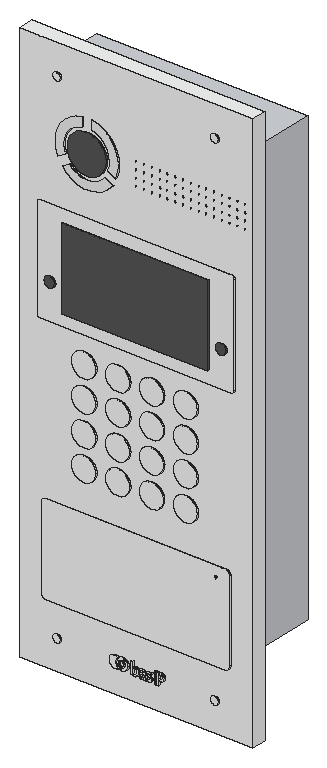
Revit family "BAS-IP_Вызывная панель_AA-07FBV", category Устройства связи, Revit 2019
Family settings
  Сохранять ориентацию аннотаций = Нет
  Размер круглого соединителя = Использовать диаметр
  Тип детали = Нормальный
  На основе рабочей плоскости = Нет
  Всегда вертикально = Да
  При загрузке вырезать с полостями = Нет
  Общий = Нет
  Точка расчета площади = Нет
Parameters (values of type "Серебристый")
  Цветовое решение = "Серебристый"
  Цвет = Gray silver
  Угол обзора камеры = "110° (по горизонтали)"
  УГО_Смещение_Y [instance] = 0 mm
  УГО_Смещение_X [instance] = 0 mm
  Тип установки = "Врезной, накладной с BR-AA7"
  Тип панели = "Многоабонентская"
  Тип клавиатуры = "Механические кнопки с подсветкой"
  Температурный режим = "-40 – +65 °С"
  Разрешение = "2 Мп"
  Размер самой панели = "155 × 375 × 55 мм"
  Размер под установку = "140 × 350 × 60 мм"
  Потребление питания = "6,5 Вт, в режиме ожидания - 3,6 Вт"
  Питание = "+12 В постоянного тока"
  Ночная подсветка = "6 светодиодов"
  Минимальная освещенность = "0,01 Люкс"
  Корпус = "Алюминий"
  Класс степени защиты = "IP65"
  Камера = "1/4”"
  Изготовитель = "BAS-IP"  # constant formula
  Зона обслуживания [instance] = no
  Дисплей = "4,3” TFT, цветной с подсветкой"
  Выходное видео = "HD (1280×720), H.264 Main Profile, BaseLine Profile"
  IK-код = "IK07"
  ADSK_Размер_Смещение от уровня [instance] = 1000 mm
  ADSK_Примечание [instance] = ""
  ADSK_Позиция [instance] = ""
  ADSK_Наименование = "Гибридная IP вызывная панель с распознаванием лицa"
  ADSK_Материал = Silver
  ADSK_Марка = "AA-07FBV Silver"
  ADSK_Количество = 1  # constant formula
  ADSK_Код изделия = ""
  ADSK_Завод-изготовитель = "BAS-IP"  # constant formula
  ADSK_Единица измерения = "шт."  # constant formula
Reference planes
  plane 1 "По центру (Вперед/Назад)": y = 0
  plane 2: z = 0
  plane 3 "По центру (Влево/Вправо)": x = 0
  plane 4: z = 1000
  plane 5: z = 0
  plane 6: y = 0
  plane 7: x = 0
Forms (mm)
  Extrusion 1, solid, material "Silver" <- "ADSK_Материал", detail levels medium+fine
    sketch origin (0, -8, 1000) x (1, 0, 0) y (0, 0, 1)
      loop
        line (-77.5, 0) -> (77.5, 0) -> (77.5, 375) -> (-77.5, 375) -> (-77.5, 0)
    from -8 to 2
  Extrusion 2, solid, detail levels medium+fine
    sketch origin (0, -8, 1000) x (1, 0, 0) y (0, 0, 1)
      loop
        line (-70, 350) -> (-70, 50) -> (70, 50) -> (70, 350) -> (-70, 350)
    from -53 to -8
  Extrusion 3, solid, material "Gray silver" <- "Цвет", detail levels fine
    sketch origin (0, -7.5, 1000) x (1, 0, 0) y (0, 0, 1)
      loop
        arc (-59.5, 100.854) -> (-61.621, 99.975) -> (-62.5, 97.854) r 3
        line (-62.5, 97.854) -> (-62.5, 43.854)
        arc (-62.5, 43.854) -> (-61.621, 41.732) -> (-59.5, 40.854) r 3
        line (-59.5, 40.854) -> (59.5, 40.854)
        arc (59.5, 40.854) -> (61.621, 41.732) -> (62.5, 43.854) r 3
        line (62.5, 43.854) -> (62.5, 97.854)
        arc (62.5, 97.854) -> (61.621, 99.975) -> (59.5, 100.854) r 3
        line (59.5, 100.854) -> (-59.5, 100.854)
    from 2 to 3
  Extrusion 4, void, detail levels fine
    sketch origin (-6.684, -8, 1047.747) x (1, 0, 0) y (0, 0, 1)
      loop
        circle (60.5, 46.187) r 1
    from 0 to 2.5
  Extrusion 5, void, detail levels fine
    sketch origin (-209.374, -8, 1225.582) x (1, 0, 0) y (0, 0, 1)
      loop
        circle (209.254, 97.039) r 0.5
      loop
        circle (214.754, 97.039) r 0.5
      loop
        circle (220.004, 97.039) r 0.5
      loop
        circle (225.316, 97.039) r 0.5
      loop
        circle (230.316, 97.039) r 0.5
      loop
        circle (209.254, 92.039) r 0.5
      loop
        circle (214.754, 92.039) r 0.5
      loop
        circle (220.004, 92.039) r 0.5
      loop
        circle (225.316, 92.039) r 0.5
      loop
        circle (230.316, 92.039) r 0.5
      loop
        circle (209.254, 87.039) r 0.5
      loop
        circle (214.754, 87.039) r 0.5
      loop
        circle (220.004, 87.039) r 0.5
      loop
        circle (225.316, 87.039) r 0.5
      loop
        circle (230.316, 87.039) r 0.5
      loop
        circle (209.254, 82.039) r 0.5
      loop
        circle (214.754, 82.039) r 0.5
      loop
        circle (220.004, 82.039) r 0.5
      loop
        circle (225.316, 82.039) r 0.5
      loop
        circle (230.316, 82.039) r 0.5
      loop
        circle (276.937, 97.039) r 0.5
      loop
        circle (271.687, 97.039) r 0.5
      loop
        circle (266.375, 97.039) r 0.5
      loop
        circle (261.375, 97.039) r 0.5
      loop
        circle (276.937, 92.039) r 0.5
      loop
        circle (271.687, 92.039) r 0.5
      loop
        circle (266.375, 92.039) r 0.5
      loop
        circle (261.375, 92.039) r 0.5
      loop
        circle (276.937, 87.039) r 0.5
      loop
        circle (271.687, 87.039) r 0.5
      loop
        circle (266.375, 87.039) r 0.5
      loop
        circle (261.375, 87.039) r 0.5
      loop
        circle (276.937, 82.039) r 0.5
      loop
        circle (271.687, 82.039) r 0.5
      loop
        circle (266.375, 82.039) r 0.5
      loop
        circle (261.375, 82.039) r 0.5
      loop
        circle (282.187, 97.039) r 0.5
      loop
        circle (282.187, 92.039) r 0.5
      loop
        circle (282.187, 87.039) r 0.5
      loop
        circle (282.187, 82.039) r 0.5
    from 1 to 2
  Extrusion 6, void, detail levels fine
    sketch origin (-209.374, -8, 1305.582) x (1, 0, 0) y (0, 0, 1)
      loop
        circle (245.846, 17.039) r 0.5
      loop
        circle (245.846, 12.039) r 0.5
      loop
        circle (245.846, 7.039) r 0.5
      loop
        circle (245.846, 2.039) r 0.5
      loop
        circle (240.596, 17.039) r 0.5
      loop
        circle (240.596, 12.039) r 0.5
      loop
        circle (240.596, 7.039) r 0.5
      loop
        circle (240.596, 2.039) r 0.5
      loop
        circle (235.658, 17.039) r 0.5
      loop
        circle (235.658, 12.039) r 0.5
      loop
        circle (235.658, 7.039) r 0.5
      loop
        circle (235.658, 2.039) r 0.5
      loop
        circle (251.096, 17.039) r 0.5
      loop
        circle (251.096, 12.039) r 0.5
      loop
        circle (251.096, 7.039) r 0.5
      loop
        circle (251.096, 2.039) r 0.5
      loop
        circle (256.033, 17.039) r 0.5
      loop
        circle (256.033, 12.039) r 0.5
      loop
        circle (256.033, 7.039) r 0.5
      loop
        circle (256.033, 2.039) r 0.5
    from 0 to 2
  Extrusion 7, solid, material "Black", detail levels fine
    sketch origin (0, -8, 1019.127) x (1, 0, 0) y (0, 0, 1)
      loop
        line (-48.5, 250.279) -> (-48.5, 196.279) -> (48.5, 196.279) -> (48.5, 250.279) -> (-48.5, 250.279)
    from 1.5 to 3
  Extrusion 8, solid, material "Black", detail levels fine
    sketch origin (-31.906, -8, 1173.907) x (1, 0, 0) y (0, 0, 1)
      loop
        circle (-25.094, 57.291) r 3.5
      loop
        circle (88.906, 57.291) r 3.5
    from 1.5 to 3
  Extrusion 9, solid, material "Gray silver" <- "Цвет", detail levels fine
    sketch origin (-5.5, -7.5, 1139.127) x (1, 0, 0) y (0, 0, 1)
      loop
        arc (-58, 138.279) -> (-59.414, 137.693) -> (-60, 136.279) r 2
        line (-60, 136.279) -> (-60, 70.279)
        arc (-60, 70.279) -> (-59.414, 68.864) -> (-58, 68.279) r 2
        line (-58, 68.279) -> (69, 68.279)
        arc (69, 68.279) -> (70.414, 68.864) -> (71, 70.279) r 2
        line (71, 70.279) -> (71, 136.279)
        arc (71, 136.279) -> (70.414, 137.693) -> (69, 138.279) r 2
        line (69, 138.279) -> (-58, 138.279)
    from 2 to 3
  Extrusion 10, solid, material "Gray silver", detail levels fine
    sketch origin (150.034, -8, 1088.366) x (1, 0, 0) y (0, 0, 1)
      loop
        circle (-202.534, 266.634) r 2.5
      loop
        circle (-97.534, 266.634) r 2.5
      loop
        circle (-202.534, -68.366) r 2.5
      loop
        circle (-97.534, -68.366) r 2.5
    from 0 to 2.5
  Extrusion 11, solid, material "Black", detail levels fine
    sketch origin (-32.5, -7.5, 1180.728) x (1, 0, 0) y (0, 0, 1)
      loop
        circle (0, 135.001) r 13
    from 2 to 3
  Extrusion 12, solid, material "White", detail levels fine
    sketch origin (-32.5, -7.5, 1180.728) x (1, 0, 0) y (0, 0, 1)
      loop
        arc (-14.192, 130.272) -> (-13.253, 142.888) -> (-3, 150.299) r 15
        line (-3, 150.299) -> (-3, 156.293)
        arc (-3, 156.293) -> (-18.287, 145.815) -> (-19.322, 127.31) r 21
        line (-19.322, 127.31) -> (-14.192, 130.272)
      loop
        line (14.192, 130.272) -> (19.322, 127.31)
        arc (19.322, 127.31) -> (18.287, 145.815) -> (3, 156.293) r 21
        line (3, 156.293) -> (3, 150.299)
        arc (3, 150.299) -> (13.253, 142.888) -> (14.192, 130.272) r 15
      loop
        line (-11.192, 125.075) -> (-16.322, 122.114)
        arc (-16.322, 122.114) -> (0.221, 113.757) -> (16.939, 121.757) r 21
        line (16.939, 121.757) -> (11.749, 124.754)
        arc (11.749, 124.754) -> (0.204, 119.58) -> (-11.192, 125.075) r 15
    from 2 to 3
  Extrusion 13, solid, material "Gray silver" <- "Цвет", detail levels fine
    sketch origin (0, -7.5, 1000) x (1, 0, 0) y (0, 0, 1)
      loop
        circle (-34.465, 189.282) r 8.017
      loop
        circle (-11.965, 189.282) r 8.017
      loop
        circle (10.535, 189.282) r 8.017
      loop
        circle (33.035, 189.282) r 8.017
      loop
        circle (-34.465, 168.645) r 8.017
      loop
        circle (-11.965, 168.645) r 8.017
      loop
        circle (10.535, 168.645) r 8.017
      loop
        circle (33.035, 168.645) r 8.017
      loop
        circle (-34.465, 148.02) r 8.017
      loop
        circle (-11.965, 148.02) r 8.017
      loop
        circle (10.535, 148.02) r 8.017
      loop
        circle (33.035, 148.02) r 8.017
      loop
        circle (-34.465, 127.395) r 8.017
      loop
        circle (-11.965, 127.395) r 8.017
      loop
        circle (10.535, 127.395) r 8.017
      loop
        circle (33.035, 127.395) r 8.017
    from 2 to 3
  Extrusion 14, solid, material "Silver" <- "ADSK_Материал", not visible, detail levels medium+fine
    sketch origin (0, -8, 0) x (1, 0, 0) y (0, 0, 1)
      loop
        line (-77.5, 0) -> (77.5, 0) -> (77.5, 375) -> (-77.5, 375) -> (-77.5, 0)
    from -8 to 2
  Extrusion 15, solid, not visible, detail levels medium+fine
    sketch origin (0, -8, 0) x (1, 0, 0) y (0, 0, 1)
      loop
        line (-70, 350) -> (-70, 50) -> (70, 50) -> (70, 350) -> (-70, 350)
    from -53 to -8
  Extrusion 16, solid, material "Gray silver" <- "Цвет", not visible, detail levels fine
    sketch origin (0, -7.5, 0) x (1, 0, 0) y (0, 0, 1)
      loop
        arc (-59.5, 100.854) -> (-61.621, 99.975) -> (-62.5, 97.854) r 3
        line (-62.5, 97.854) -> (-62.5, 43.854)
        arc (-62.5, 43.854) -> (-61.621, 41.732) -> (-59.5, 40.854) r 3
        line (-59.5, 40.854) -> (59.5, 40.854)
        arc (59.5, 40.854) -> (61.621, 41.732) -> (62.5, 43.854) r 3
        line (62.5, 43.854) -> (62.5, 97.854)
        arc (62.5, 97.854) -> (61.621, 99.975) -> (59.5, 100.854) r 3
        line (59.5, 100.854) -> (-59.5, 100.854)
    from 2 to 3
  Extrusion 17, void, not visible, detail levels fine
    sketch origin (-6.684, -8, 47.747) x (1, 0, 0) y (0, 0, 1)
      loop
        circle (60.5, 46.187) r 1
    from 0 to 2.5
  Extrusion 18, void, not visible, detail levels fine
    sketch origin (-209.374, -8, 225.582) x (1, 0, 0) y (0, 0, 1)
      loop
        circle (209.254, 97.039) r 0.5
      loop
        circle (214.754, 97.039) r 0.5
      loop
        circle (220.004, 97.039) r 0.5
      loop
        circle (225.316, 97.039) r 0.5
      loop
        circle (230.316, 97.039) r 0.5
      loop
        circle (209.254, 92.039) r 0.5
      loop
        circle (214.754, 92.039) r 0.5
      loop
        circle (220.004, 92.039) r 0.5
      loop
        circle (225.316, 92.039) r 0.5
      loop
        circle (230.316, 92.039) r 0.5
      loop
        circle (209.254, 87.039) r 0.5
      loop
        circle (214.754, 87.039) r 0.5
      loop
        circle (220.004, 87.039) r 0.5
      loop
        circle (225.316, 87.039) r 0.5
      loop
        circle (230.316, 87.039) r 0.5
      loop
        circle (209.254, 82.039) r 0.5
      loop
        circle (214.754, 82.039) r 0.5
      loop
        circle (220.004, 82.039) r 0.5
      loop
        circle (225.316, 82.039) r 0.5
      loop
        circle (230.316, 82.039) r 0.5
      loop
        circle (276.937, 97.039) r 0.5
      loop
        circle (271.687, 97.039) r 0.5
      loop
        circle (266.375, 97.039) r 0.5
      loop
        circle (261.375, 97.039) r 0.5
      loop
        circle (276.937, 92.039) r 0.5
      loop
        circle (271.687, 92.039) r 0.5
      loop
        circle (266.375, 92.039) r 0.5
      loop
        circle (261.375, 92.039) r 0.5
      loop
        circle (276.937, 87.039) r 0.5
      loop
        circle (271.687, 87.039) r 0.5
      loop
        circle (266.375, 87.039) r 0.5
      loop
        circle (261.375, 87.039) r 0.5
      loop
        circle (276.937, 82.039) r 0.5
      loop
        circle (271.687, 82.039) r 0.5
      loop
        circle (266.375, 82.039) r 0.5
      loop
        circle (261.375, 82.039) r 0.5
      loop
        circle (282.187, 97.039) r 0.5
      loop
        circle (282.187, 92.039) r 0.5
      loop
        circle (282.187, 87.039) r 0.5
      loop
        circle (282.187, 82.039) r 0.5
    from 1 to 2
  Extrusion 19, void, not visible, detail levels fine
    sketch origin (-209.374, -8, 305.582) x (1, 0, 0) y (0, 0, 1)
      loop
        circle (245.846, 17.039) r 0.5
      loop
        circle (245.846, 12.039) r 0.5
      loop
        circle (245.846, 7.039) r 0.5
      loop
        circle (245.846, 2.039) r 0.5
      loop
        circle (240.596, 17.039) r 0.5
      loop
        circle (240.596, 12.039) r 0.5
      loop
        circle (240.596, 7.039) r 0.5
      loop
        circle (240.596, 2.039) r 0.5
      loop
        circle (235.658, 17.039) r 0.5
      loop
        circle (235.658, 12.039) r 0.5
      loop
        circle (235.658, 7.039) r 0.5
      loop
        circle (235.658, 2.039) r 0.5
      loop
        circle (251.096, 17.039) r 0.5
      loop
        circle (251.096, 12.039) r 0.5
      loop
        circle (251.096, 7.039) r 0.5
      loop
        circle (251.096, 2.039) r 0.5
      loop
        circle (256.033, 17.039) r 0.5
      loop
        circle (256.033, 12.039) r 0.5
      loop
        circle (256.033, 7.039) r 0.5
      loop
        circle (256.033, 2.039) r 0.5
    from 0 to 2
  Extrusion 20, solid, material "Black", not visible, detail levels fine
    sketch origin (0, -8, 19.127) x (1, 0, 0) y (0, 0, 1)
      loop
        line (-48.5, 250.279) -> (-48.5, 196.279) -> (48.5, 196.279) -> (48.5, 250.279) -> (-48.5, 250.279)
    from 1.5 to 3
  Extrusion 21, solid, material "Black", not visible, detail levels fine
    sketch origin (-31.906, -8, 173.907) x (1, 0, 0) y (0, 0, 1)
      loop
        circle (-25.094, 57.291) r 3.5
      loop
        circle (88.906, 57.291) r 3.5
    from 1.5 to 3
  Extrusion 22, solid, material "Gray silver" <- "Цвет", not visible, detail levels fine
    sketch origin (-5.5, -7.5, 139.127) x (1, 0, 0) y (0, 0, 1)
      loop
        arc (-58, 138.279) -> (-59.414, 137.693) -> (-60, 136.279) r 2
        line (-60, 136.279) -> (-60, 70.279)
        arc (-60, 70.279) -> (-59.414, 68.864) -> (-58, 68.279) r 2
        line (-58, 68.279) -> (69, 68.279)
        arc (69, 68.279) -> (70.414, 68.864) -> (71, 70.279) r 2
        line (71, 70.279) -> (71, 136.279)
        arc (71, 136.279) -> (70.414, 137.693) -> (69, 138.279) r 2
        line (69, 138.279) -> (-58, 138.279)
    from 2 to 3
  Extrusion 23, solid, material "Gray silver", not visible, detail levels fine
    sketch origin (150.034, -8, 88.366) x (1, 0, 0) y (0, 0, 1)
      loop
        circle (-202.534, 266.634) r 2.5
      loop
        circle (-97.534, 266.634) r 2.5
      loop
        circle (-202.534, -68.366) r 2.5
      loop
        circle (-97.534, -68.366) r 2.5
    from 0 to 2.5
  Extrusion 24, solid, material "Black", not visible, detail levels fine
    sketch origin (-32.5, -7.5, 180.728) x (1, 0, 0) y (0, 0, 1)
      loop
        circle (0, 135.001) r 13
    from 2 to 3
  Extrusion 25, solid, material "White", not visible, detail levels fine
    sketch origin (-32.5, -7.5, 180.728) x (1, 0, 0) y (0, 0, 1)
      loop
        arc (-14.192, 130.272) -> (-13.253, 142.888) -> (-3, 150.299) r 15
        line (-3, 150.299) -> (-3, 156.293)
        arc (-3, 156.293) -> (-18.287, 145.815) -> (-19.322, 127.31) r 21
        line (-19.322, 127.31) -> (-14.192, 130.272)
      loop
        line (14.192, 130.272) -> (19.322, 127.31)
        arc (19.322, 127.31) -> (18.287, 145.815) -> (3, 156.293) r 21
        line (3, 156.293) -> (3, 150.299)
        arc (3, 150.299) -> (13.253, 142.888) -> (14.192, 130.272) r 15
      loop
        line (-11.192, 125.075) -> (-16.322, 122.114)
        arc (-16.322, 122.114) -> (0.221, 113.757) -> (16.939, 121.757) r 21
        line (16.939, 121.757) -> (11.749, 124.754)
        arc (11.749, 124.754) -> (0.204, 119.58) -> (-11.192, 125.075) r 15
    from 2 to 3
  Extrusion 26, solid, material "Gray silver" <- "Цвет", not visible, detail levels fine
    sketch origin (0, -7.5, 0) x (1, 0, 0) y (0, 0, 1)
      loop
        circle (-34.465, 189.282) r 8.017
      loop
        circle (-11.965, 189.282) r 8.017
      loop
        circle (10.535, 189.282) r 8.017
      loop
        circle (33.035, 189.282) r 8.017
      loop
        circle (-34.465, 168.645) r 8.017
      loop
        circle (-11.965, 168.645) r 8.017
      loop
        circle (10.535, 168.645) r 8.017
      loop
        circle (33.035, 168.645) r 8.017
      loop
        circle (-34.465, 148.02) r 8.017
      loop
        circle (-11.965, 148.02) r 8.017
      loop
        circle (10.535, 148.02) r 8.017
      loop
        circle (33.035, 148.02) r 8.017
      loop
        circle (-34.465, 127.395) r 8.017
      loop
        circle (-11.965, 127.395) r 8.017
      loop
        circle (10.535, 127.395) r 8.017
      loop
        circle (33.035, 127.395) r 8.017
    from 2 to 3
Cuts and joins
  Extrusion 4, Extrusion 5, Extrusion 6 cuts Extrusion 1
  Extrusion 4 cuts Extrusion 3
Dimensions and locks
  "ADSK_Размер_Смещение от уровня": plane 4 to plane 2
  "УГО_Смещение_X": plane 3 "По центру (Влево/Вправо)" to plane 7
  "УГО_Смещение_Y": plane 6 to plane 1 "По центру (Вперед/Назад)"
  aligned and locked: level to plane 2
  aligned and locked: cut or joined group of Extrusion 1, Extrusion 4, Extrusion 5, Extrusion 6 to plane 4
  aligned and locked: nested 5 to plane 6
  aligned and locked: plane 7 to nested 5
Automatic sketch dimensions
  Extrusion 2 sketch curve to Extrusion 2 sketch curve = 300 mm
  Extrusion 3 sketch curve to Extrusion 3 sketch curve = 3 mm  (x3)
  Extrusion 3 sketch curve to Extrusion 3 sketch curve = 0 mm
  Extrusion 3 sketch curve to Extrusion 3 sketch curve = 54 mm
  Extrusion 5 sketch curve to Extrusion 5 sketch curve = 0 mm  (x38)
  Extrusion 5 sketch curve to Extrusion 5 sketch curve = 5.25 mm  (x5)
  Extrusion 5 sketch curve to Extrusion 5 sketch curve = 5.313 mm  (x4)
  Extrusion 5 sketch curve to Extrusion 5 sketch curve = 5 mm  (x29)
  Extrusion 5 sketch curve to Extrusion 5 sketch curve = 31.058 mm
  Extrusion 6 sketch curve to Extrusion 6 sketch curve = 0 mm  (x19)
  Extrusion 6 sketch curve to Extrusion 6 sketch curve = 4.938 mm  (x8)
  Extrusion 6 sketch curve to Extrusion 6 sketch curve = 5.25 mm  (x2)
  Extrusion 6 sketch curve to Extrusion 6 sketch curve = 5 mm  (x9)
  Extrusion 7 sketch curve to Extrusion 7 sketch curve = 54 mm
  Extrusion 8 sketch curve to Extrusion 8 sketch curve = 0 mm
  Extrusion 9 sketch curve to Extrusion 9 sketch curve = 2 mm  (x3)
  Extrusion 9 sketch curve to Extrusion 9 sketch curve = 66 mm
  Extrusion 10 sketch curve to Extrusion 10 sketch curve = 335 mm
  Extrusion 10 sketch curve to Extrusion 10 sketch curve = 0 mm  (x3)
  Extrusion 12 sketch curve to Extrusion 12 sketch curve = 3 mm
  Extrusion 12 sketch curve to Extrusion 12 sketch curve = 5.13 mm  (x3)
  Extrusion 12 sketch curve to Extrusion 12 sketch curve = 11.192 mm
  Extrusion 12 sketch curve to Extrusion 12 sketch curve = 2.841 mm
  Extrusion 12 sketch curve to Extrusion 12 sketch curve = 0.148 mm  (x2)
  Extrusion 12 sketch curve to Extrusion 12 sketch curve = 0.021 mm
  Extrusion 12 sketch curve to Extrusion 12 sketch curve = 0.403 mm
  Extrusion 12 sketch curve to Extrusion 12 sketch curve = 0.032 mm
  Extrusion 12 sketch curve to Extrusion 12 sketch curve = 6 mm
  Extrusion 12 sketch curve to Extrusion 12 sketch curve = 11.335 mm
  Extrusion 12 sketch curve to Extrusion 12 sketch curve = 2.443 mm
  Extrusion 12 sketch curve to Extrusion 12 sketch curve = 5.191 mm
  Extrusion 12 sketch curve to Extrusion 12 sketch curve = 0.356 mm
  Extrusion 12 sketch curve to Extrusion 12 sketch curve = 2.997 mm
  Extrusion 12 sketch curve to Extrusion 12 sketch curve = 2.962 mm  (x3)
  Extrusion 12 sketch curve to Extrusion 12 sketch curve = 5.196 mm
  Extrusion 12 sketch curve to Extrusion 12 sketch curve = 5.553 mm
  Extrusion 12 sketch curve to Extrusion 12 sketch curve = 0.754 mm
  Extrusion 12 sketch curve to Extrusion 12 sketch curve = 0 mm
  Extrusion 12 sketch curve to Extrusion 12 sketch curve = 0.061 mm  (x2)
  Extrusion 13 sketch curve to Extrusion 13 sketch curve = 0 mm  (x13)
  Extrusion 13 sketch curve to Extrusion 13 sketch curve = 22.5 mm  (x5)
  Extrusion 13 sketch curve to Extrusion 13 sketch curve = 20.625 mm  (x8)
  Extrusion 13 sketch curve to Extrusion 13 sketch curve = 20.638 mm  (x4)
  Extrusion 1 sketch curve to Extrusion 1 sketch curve = 155 mm
  Extrusion 1 sketch curve to Extrusion 1 sketch curve = 375 mm
  Extrusion 2 sketch curve to Extrusion 2 sketch curve = 140 mm
  Extrusion 3 sketch curve to Extrusion 3 sketch curve = 119 mm
  Extrusion 5 sketch curve to Extrusion 5 sketch curve = 5.5 mm
  Extrusion 7 sketch curve to Extrusion 7 sketch curve = 97 mm
  Extrusion 8 sketch curve to Extrusion 8 sketch curve = 114 mm
  Extrusion 9 sketch curve to Extrusion 9 sketch curve = 127 mm
  Extrusion 9 sketch curve to Extrusion 9 sketch curve = 0 mm
  Extrusion 10 sketch curve to Extrusion 10 sketch curve = 105 mm  (x2)
  Extrusion 15 sketch curve to Extrusion 15 sketch curve = 300 mm
  Extrusion 16 sketch curve to Extrusion 16 sketch curve = 3 mm  (x3)
  Extrusion 16 sketch curve to Extrusion 16 sketch curve = 0 mm
  Extrusion 16 sketch curve to Extrusion 16 sketch curve = 54 mm
  Extrusion 18 sketch curve to Extrusion 18 sketch curve = 0 mm  (x38)
  Extrusion 18 sketch curve to Extrusion 18 sketch curve = 5.25 mm  (x5)
  Extrusion 18 sketch curve to Extrusion 18 sketch curve = 5.313 mm  (x4)
  Extrusion 18 sketch curve to Extrusion 18 sketch curve = 5 mm  (x29)
  Extrusion 18 sketch curve to Extrusion 18 sketch curve = 31.058 mm
  Extrusion 19 sketch curve to Extrusion 19 sketch curve = 0 mm  (x19)
  Extrusion 19 sketch curve to Extrusion 19 sketch curve = 4.938 mm  (x8)
  Extrusion 19 sketch curve to Extrusion 19 sketch curve = 5.25 mm  (x2)
  Extrusion 19 sketch curve to Extrusion 19 sketch curve = 5 mm  (x9)
  Extrusion 20 sketch curve to Extrusion 20 sketch curve = 54 mm
  Extrusion 21 sketch curve to Extrusion 21 sketch curve = 0 mm
  Extrusion 22 sketch curve to Extrusion 22 sketch curve = 2 mm  (x3)
  Extrusion 22 sketch curve to Extrusion 22 sketch curve = 66 mm
  Extrusion 23 sketch curve to Extrusion 23 sketch curve = 335 mm
  Extrusion 23 sketch curve to Extrusion 23 sketch curve = 0 mm  (x3)
  Extrusion 25 sketch curve to Extrusion 25 sketch curve = 3 mm
  Extrusion 25 sketch curve to Extrusion 25 sketch curve = 5.13 mm  (x3)
  Extrusion 25 sketch curve to Extrusion 25 sketch curve = 11.192 mm
  Extrusion 25 sketch curve to Extrusion 25 sketch curve = 2.841 mm
  Extrusion 25 sketch curve to Extrusion 25 sketch curve = 0.148 mm  (x2)
  Extrusion 25 sketch curve to Extrusion 25 sketch curve = 0.021 mm
  Extrusion 25 sketch curve to Extrusion 25 sketch curve = 0.403 mm
  Extrusion 25 sketch curve to Extrusion 25 sketch curve = 0.032 mm
  Extrusion 25 sketch curve to Extrusion 25 sketch curve = 6 mm
  Extrusion 25 sketch curve to Extrusion 25 sketch curve = 11.335 mm
  Extrusion 25 sketch curve to Extrusion 25 sketch curve = 2.443 mm
  Extrusion 25 sketch curve to Extrusion 25 sketch curve = 5.191 mm
  Extrusion 25 sketch curve to Extrusion 25 sketch curve = 0.356 mm
  Extrusion 25 sketch curve to Extrusion 25 sketch curve = 2.997 mm
  Extrusion 25 sketch curve to Extrusion 25 sketch curve = 2.962 mm  (x3)
  Extrusion 25 sketch curve to Extrusion 25 sketch curve = 5.196 mm
  Extrusion 25 sketch curve to Extrusion 25 sketch curve = 5.553 mm
  Extrusion 25 sketch curve to Extrusion 25 sketch curve = 0.754 mm
  Extrusion 25 sketch curve to Extrusion 25 sketch curve = 0 mm
  Extrusion 25 sketch curve to Extrusion 25 sketch curve = 0.061 mm  (x2)
  Extrusion 26 sketch curve to Extrusion 26 sketch curve = 0 mm  (x13)
  Extrusion 26 sketch curve to Extrusion 26 sketch curve = 22.5 mm  (x5)
  Extrusion 26 sketch curve to Extrusion 26 sketch curve = 20.625 mm  (x8)
  Extrusion 26 sketch curve to Extrusion 26 sketch curve = 20.638 mm  (x4)
  Extrusion 14 sketch curve to Extrusion 14 sketch curve = 155 mm
  Extrusion 14 sketch curve to Extrusion 14 sketch curve = 375 mm
  Extrusion 15 sketch curve to Extrusion 15 sketch curve = 140 mm
  Extrusion 16 sketch curve to Extrusion 16 sketch curve = 119 mm
  Extrusion 18 sketch curve to Extrusion 18 sketch curve = 5.5 mm
  Extrusion 20 sketch curve to Extrusion 20 sketch curve = 97 mm
  Extrusion 21 sketch curve to Extrusion 21 sketch curve = 114 mm
  Extrusion 22 sketch curve to Extrusion 22 sketch curve = 127 mm
  Extrusion 22 sketch curve to Extrusion 22 sketch curve = 0 mm
  Extrusion 23 sketch curve to Extrusion 23 sketch curve = 105 mm  (x2)
  radius of Extrusion 4 sketch curve = 1 mm
  radius of Extrusion 5 sketch curve = 0.5 mm  (x40)
  radius of Extrusion 6 sketch curve = 0.5 mm  (x20)
  radius of Extrusion 8 sketch curve = 3.5 mm  (x2)
  radius of Extrusion 10 sketch curve = 2.5 mm  (x4)
  radius of Extrusion 11 sketch curve = 13 mm
  radius of Extrusion 13 sketch curve = 8.017 mm  (x16)
  radius of Extrusion 17 sketch curve = 1 mm
  radius of Extrusion 18 sketch curve = 0.5 mm  (x40)
  radius of Extrusion 19 sketch curve = 0.5 mm  (x20)
  radius of Extrusion 21 sketch curve = 3.5 mm  (x2)
  radius of Extrusion 23 sketch curve = 2.5 mm  (x4)
  radius of Extrusion 24 sketch curve = 13 mm
  radius of Extrusion 26 sketch curve = 8.017 mm  (x16)
Nested families
  nested 1: "BAS-IP_Logo_M" at (1.25, -9.5, 1012.412), Материал <- "ADSK_Материал", type "BAS-IP_Logo_M", detail levels fine
    with Материал Silver
  nested 2: "Зона обслуживания" at (0, 0, 950), visible <- "Зона обслуживания", type "Зона обслуживания", detail levels fine
    with ADSK_Размер_Ширина 255 mm, ADSK_Размер_Высота 475 mm
  nested 3: "BAS-IP_Logo_M" at (1.25, -9.5, 12.412), Материал <- "ADSK_Материал", type "BAS-IP_Logo_M", not visible, detail levels fine
    with Материал Silver
  nested 4: "Зона обслуживания" at (0, 0, -50), visible <- "Зона обслуживания", type "Зона обслуживания", not visible, detail levels fine
    with ADSK_Размер_Ширина 255 mm, ADSK_Размер_Высота 475 mm
  nested 5: "УГО_Вызывная панель" at (0, 0, 0), type "УГО_Вызывная панель", detail levels coarse+medium
Connectors
  electrical at (0, 22.5, 1050)
    settings: on Extrusion 2, index 1, voltage 0 V, apparent load 0 VA, apparent load phase1 0 VA, apparent load phase2 0 VA, apparent load phase3 0 VA, power factor 1, load classification "Прочее", number of poles 1, system type 12, power factor state 1, is connector primary yes, connector utility no, sub classification motor no, connector description ""
Definition of nested family "BAS-IP_Logo_M"
  Parameters (values of type "BAS-IP_Logo_M")
    Материал [instance] = none
  Reference planes
    plane 1 "По центру (Вперед/Назад)": y = 0
    plane 2: z = 0
    plane 3 "По центру (Влево/Вправо)": x = 0
  Forms (mm)
    Extrusion 1, solid, material <- "Материал"
      sketch origin (0, 0, 0) x (1, 0, 0) y (0, 0, 1)
        loop
          circle (-10.243, 7.572) r 4
        loop
          circle (-10.243, 7.572) r 2.5
        loop
          circle (-10.243, 7.572) r 1.243
        loop
          line (-4.278, 11.609) -> (-4.278, 3.732)
          arc (-4.278, 3.732) -> (-2.247, 3.328) -> (-0.257, 3.903) r 4.38
          arc (-0.257, 3.903) -> (0.741, 6.101) -> (0.156, 8.443) r 3.668
          arc (0.156, 8.443) -> (-1.569, 9.278) -> (-3.12, 8.15) r 1.865
          line (-3.12, 8.15) -> (-3.12, 11.609) -> (-4.278, 11.609)
        loop
          line (4.381, 6.953) -> (2.708, 6.953)
          arc (2.708, 6.953) -> (1.143, 5.381) -> (2.193, 3.427) r 1.862
          line (2.193, 3.427) -> (5.385, 3.427)
          spline (5.385, 3.427) -> (5.486, 5.401) -> (5.48, 6.79) -> (5.388, 7.706) -> (5.23, 8.264) -> (5.026, 8.577) -> (4.796, 8.758) -> (4.549, 8.897) -> (4.259, 9.009) -> (3.891, 9.099) -> (3.39, 9.158) -> (2.65, 9.166) -> (1.566, 9.098)
          line (1.566, 9.098) -> (1.566, 8.205) -> (3.504, 8.205)
          arc (3.504, 8.205) -> (4.308, 7.835) -> (4.381, 6.953) r 0.878
        loop
          line (4.435, 6.281) -> (2.787, 6.281)
          arc (2.787, 6.281) -> (2.181, 5.255) -> (2.787, 4.229) r 1.171
          line (2.787, 4.229) -> (4.435, 4.229) -> (4.435, 6.281)
        loop
          line (-3.12, 7.277) -> (-3.12, 4.229)
          spline (-3.12, 4.229) -> (-1.778, 4.351) -> (-1.027, 4.671) -> (-0.608, 5.124) -> (-0.387, 5.678) -> (-0.289, 6.314) -> (-0.287, 6.974) -> (-0.427, 7.548) -> (-0.729, 7.952) -> (-1.126, 8.215) -> (-1.608, 8.34) -> (-2.312, 8.201) -> (-3.12, 7.277)
        loop
          spline (9.581, 9.006) -> (7.442, 9.112) -> (6.715, 8.885) -> (6.189, 8.423) -> (5.956, 7.76) -> (6.101, 7.123) -> (6.592, 6.658) -> (7.485, 6.226) -> (8.365, 5.733) -> (8.728, 5.173) -> (8.637, 4.701) -> (7.962, 4.38) -> (5.949, 4.472)
          line (5.949, 4.472) -> (5.865, 3.511)
          spline (5.865, 3.511) -> (7.993, 3.471) -> (9.031, 3.799) -> (9.606, 4.389) -> (9.789, 5.108) -> (9.608, 5.795) -> (9.176, 6.297) -> (8.515, 6.666) -> (7.712, 7.034) -> (7.093, 7.494) -> (7.013, 7.974) -> (7.796, 8.265) -> (9.507, 8.157)
          line (9.507, 8.157) -> (9.581, 9.006)
        loop
          line (11.296, 11.417) -> (11.296, 3.427) -> (12.325, 3.427) -> (12.325, 11.417) -> (11.296, 11.417)
        loop
          line (13.064, 11.417) -> (13.064, 3.427) -> (14.049, 3.427) -> (14.049, 6.359) -> (15.37, 6.359)
          arc (15.37, 6.359) -> (17.899, 8.888) -> (15.37, 11.417) r 2.529
          line (15.37, 11.417) -> (13.064, 11.417)
        loop
          line (14.049, 7.221) -> (15.318, 7.221)
          arc (15.318, 7.221) -> (16.739, 8.701) -> (15.638, 10.433) r 1.661
          line (15.638, 10.433) -> (14.049, 10.433) -> (14.049, 7.221)
      from 0 to 1
    Extrusion 2, solid, material <- "Материал"
      sketch origin (0, 0, 0) x (1, 0, 0) y (0, 0, 1)
        loop
          arc (-12.57, 10.825) -> (-18.868, 7.551) -> (-12.57, 4.276) r 4
          arc (-12.57, 4.276) -> (-14.235, 7.551) -> (-12.57, 10.825) r 4.053
      from 0 to 1
  Dimensions and locks
    aligned and locked: level to plane 2
Definition of nested family "Зона обслуживания"
  Parameters (values of type "Семейство1")
    Зона обслуживания = none
    ADSK_Размер_Ширина = 200 mm
    ADSK_Размер_Глубина = 120 mm
    ADSK_Размер_Высота = 250 mm
  Reference planes
    plane 1 "По центру (Вперед/Назад)": y = 0
    plane 2: z = 0
    plane 3 "По центру (Влево/Вправо)": x = 0
  Forms (mm)
    Extrusion 1, solid, material <- "Зона обслуживания"
      sketch origin (0, 0, 0) x (1, 0, 0) y (0, 1, 0)
        loop
          line (-100, 0) -> (-100, -120) -> (100, -120) -> (100, 0) -> (-100, 0)
      from 0 to 250 <- "ADSK_Размер_Высота"
  Dimensions and locks
    "ADSK_Размер_Глубина": Extrusion 1 sketch curve to plane 1 "По центру (Вперед/Назад)"
    equal spacing: Extrusion 1 sketch curve, plane 3 "По центру (Влево/Вправо)", Extrusion 1 sketch curve
    "ADSK_Размер_Ширина": Extrusion 1 sketch curve to Extrusion 1 sketch curve
    aligned and locked: level to plane 2
  Automatic sketch dimensions
    plane 1 "По центру (Вперед/Назад)" to Extrusion 1 sketch curve = 0 mm
Definition of nested family "УГО_Вызывная панель"
  Reference planes
    plane 1: y = 0
    plane 2: x = 0
  Lines and regions (mm)
    detail lines
      curve 1: line (-2, 0, 0) -> (2, 0, 0)
      curve 2: line (-2.5, -6.5, 0) -> (-2.5, -0.5, 0)
      curve 3: line (2, -7, 0) -> (-2, -7, 0)
      curve 4: line (2.5, -0.5, 0) -> (2.5, -6.5, 0)
      curve 5: arc (2, 0, 0) -> (2.354, -0.146, 0) -> (2.5, -0.5, 0) r 0.5
      curve 6: arc (-2.5, -0.5, 0) -> (-2.354, -0.146, 0) -> (-2, 0, 0) r 0.5
      curve 7: arc (-2, -7, 0) -> (-2.354, -6.854, 0) -> (-2.5, -6.5, 0) r 0.5
      curve 8: arc (2.5, -6.5, 0) -> (2.354, -6.854, 0) -> (2, -7, 0) r 0.5
      curve 9: line (-1.5, -3.39, 0) -> (1.5, -3.39, 0)
      curve 10: line (-1.5, -5.79, 0) -> (-1.5, -3.39, 0)
      curve 11: line (1.5, -5.19, 0) -> (-1.5, -5.19, 0)
      curve 12: line (1.5, -3.39, 0) -> (1.5, -5.79, 0)
      curve 13: circle (0, -1.5, 0) r 0.6 normal (0, 0, 1)
      curve 14: line (-1.5, -3.99, 0) -> (1.5, -3.99, 0)
      curve 15: line (-1.5, -4.59, 0) -> (1.5, -4.59, 0)
      curve 16: line (-0.5, -5.79, 0) -> (-0.5, -3.39, 0)
      curve 17: line (0.5, -5.79, 0) -> (0.5, -3.39, 0)
      curve 18: line (1.5, -5.79, 0) -> (-1.5, -5.79, 0)
